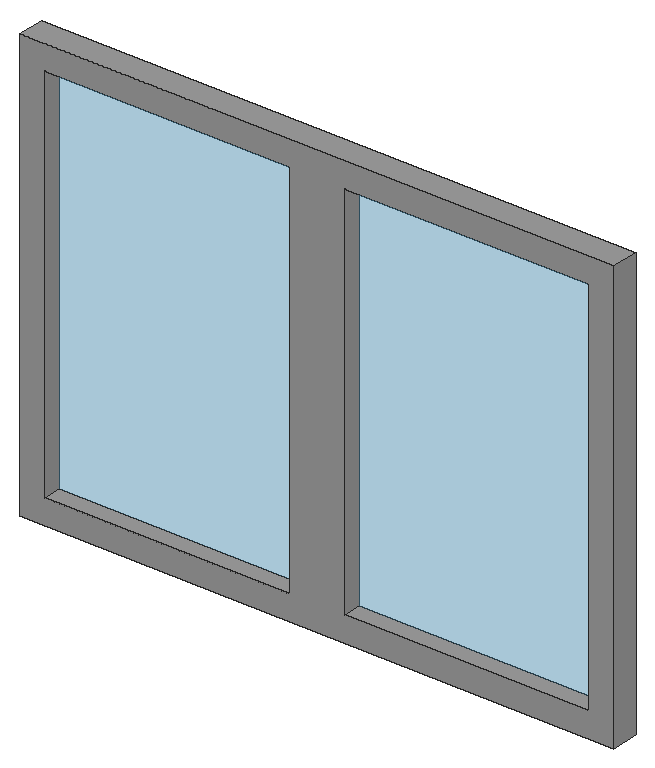
Revit family "ZS-30P OCOC-WW_v02", category Curtain Panels, Revit 2015
Parameters
  Width [instance] = 5' - 6"
  URL = "obe.com"
  Model = "30P OCOC"
  Manufacturer = "Oldcastle BuildingEnvelope®"
  Keynote = "08 51 00"
  Height [instance] = 4' - 0"
  Glass Material = Glass
  Frame Material = Aluminum
  Offset [instance] = 0' - 0"
  Description = "ZERO SIGHTLINE 30P"
  Assembly Code = "B2020"
  Analytic Construction = "<None>"
Reference planes (in)
  plane 1 "Front": y = 0
  plane 2: z = 0
  plane 3 "Center (Left/Right)": x = 0
  plane 4 "Left": x = -33
  plane 5 "Right": x = 33
  plane 6 "Top": z = 48
Text (in)
  text "Exterior" at (-54.29358, 31.38743, 0), in view "Ref. Level"
  text "Exterior" at (480, 41.53993, 89.60405), in view "Right"
  text "Exterior" at (-240, 57.82419, 105.78864), in view "Left"
  text "Min Size\n\n14\" width x 14\" height\n\n\n\nMax Size\n\n48\" x 84\"\n\n\n\nMax Area\n\n24 square feet\n\n\n\nOperable Width must be less than or equal to height." at (69.55744, 31.38743, 0), in view "Ref. Level"
Dimensions and locks (in)
  equal spacing: plane 4 "Left", plane 3 "Center (Left/Right)", plane 5 "Right"
  "Width": plane 4 "Left" to plane 5 "Right"
  "Height": plane 6 "Top" to plane 2
  aligned and locked: level to plane 2
  aligned and locked: plane 3 "Center (Left/Right)" to nested 1
  aligned and locked: plane 1 "Front" to nested 1
  aligned and locked: nested 1 to plane 2
Nested families (in)
  nested 1: "ZS-30P OCOC-Panel" at (0, -16, 0), Offset <- "Offset", Height <- "Height", Width <- "Width", Frame Material <- "Frame Material", Glass Material <- "Glass Material", type "ZS-30P OCOC-Panel"
    with built-in parameter 1001301 5' - 6", Operable Width 2' - 9", Offset 0' - 0", built-in parameter 1001300 4' - 0", Glass Material Glass, Frame Material Aluminum
Definition of nested family "ZS-30P OCOC-Panel"
  Parameters (values of type "ZS-30P OCOC-Panel")
    Width [instance] = 4' - 0"
    URL = ""
    Operable Width [instance] = Width / 2  # 2' - 0"
    Model = ""
    Manufacturer = ""
    Offset [instance] = 0' - 11"
    Height [instance] = 3' - 0"
    Glass Material [instance] = none
    Frame Material [instance] = none
    Description = ""
    Analytic Construction = "<None>"
  Reference planes (in)
    plane 1 "Offset": y = 5
    plane 2: z = 0
    plane 3 "Center (Left/Right)": x = 0
    plane 4: x = 24
    plane 5: x = -24
    plane 6 "Center (Front/Back)": y = 16
    plane 7: z = 36
    plane 8: z = 1.50001
    plane 9: z = 34.49999
    plane 10: z = 18
    plane 11 "INT": y = 4
    plane 12: x = -22.50199
    plane 13: x = -1.81051
    plane 14: x = 1.81051
    plane 15: x = 22.50199
  Forms (in)
    Sweep 1, solid
      path origin (0, 5, 0) x (1, 0, 0) y (0, 0, 1)
        loop
          line (-24, 36) -> (-24, 0)
      profile origin (-24, 5, 18) x (0, -1, 0) y (1, 0, 0)
        loop
          line (0, 0) -> (2.99999, 0) -> (2.99999, 2.75) -> (1, 2.75) -> (1, 1.49801) -> (0, 1.49801) -> (0, 0)
    Sweep 2, solid
      path origin (0, 5, 0) x (1, 0, 0) y (0, 0, 1)
        loop
          line (0, 36) -> (0, 0)
      profile origin (0, 5, 18) x (0, -1, 0) y (1, 0, 0)
        loop
          line (3.00199, 0.11573) -> (3.00199, 3.0625) -> (1, 3.0625) -> (1, 1.81051) -> (0, 1.81051) -> (0, -1.81051) -> (1, -1.81051) -> (1, -3.0625) -> (3.00199, -3.0625) -> (3.00199, 0.11573)
    Sweep 3, solid
      path origin (0, 5, 0) x (1, 0, 0) y (0, 0, 1)
        loop
          line (24, 36) -> (24, 0)
      profile origin (24, 5, 18) x (0, -1, 0) y (1, 0, 0)
        loop
          line (0, 0) -> (0, -1.49801) -> (1, -1.49801) -> (1, -2.75) -> (2.99999, -2.75) -> (2.99999, 0) -> (0, 0)
    Sweep 4, solid
      path origin (0, 5, 0) x (1, 0, 0) y (0, 0, 1)
        loop
          line (24, 0) -> (-24, 0)
      profile origin (0, 5, 0) x (0, 0, -1) y (0, -1, 0)
        loop
          line (-2.752, 2.99999) -> (-2.752, 1) -> (-1.50001, 1) -> (-1.50001, 0) -> (0, 0) -> (0, 2.99999) -> (-2.752, 2.99999)
    Sweep 5, solid
      path origin (18, 5, 0) x (1, 0, 0) y (0, 0, 1)
        loop
          line (6, 36) -> (-42, 36)
      profile origin (0, 5, 36) x (0, 0, -1) y (0, -1, 0)
        loop
          line (0, 2.99999) -> (0, 0) -> (1.50001, 0) -> (1.50001, 1) -> (2.752, 1) -> (2.752, 2.99999) -> (0, 2.99999)
    Extrusion 6, solid, material <- "Glass Material", detail levels coarse
      sketch origin (0, 0, 0) x (1, 0, 0) y (0, 1, 0)
        loop
          line (-22.50199, 5) -> (-22.50199, 4) -> (-1.81051, 4) -> (-1.81051, 5) -> (-22.50199, 5)
      from 1.50001 to 34.49999
    Extrusion 7, solid, detail levels medium+fine
      sketch origin (0, 0, 0) x (1, 0, 0) y (0, 1, 0)
        loop
          line (-22.50199, 5) -> (-22.50199, 4.75) -> (-1.81051, 4.75) -> (-1.81051, 5) -> (-22.50199, 5)
        loop
          line (-1.81051, 4.2373) -> (-22.50199, 4.2373) -> (-22.50199, 4) -> (-1.81051, 4) -> (-1.81051, 4.2373)
      from 1.50001 to 34.49999
    Extrusion 8, solid, detail levels coarse
      sketch origin (0, 0, 0) x (1, 0, 0) y (0, 1, 0)
        loop
          line (1.81051, 5) -> (1.81051, 4) -> (22.50199, 4) -> (22.50199, 5) -> (1.81051, 5)
      from 1.50001 to 34.49999
    Extrusion 9, solid, detail levels medium+fine
      sketch origin (0, 0, 0) x (1, 0, 0) y (0, 1, 0)
        loop
          line (1.81051, 5) -> (1.81051, 4.75) -> (22.50199, 4.75) -> (22.50199, 5) -> (1.81051, 5)
        loop
          line (22.50199, 4.2373) -> (1.81051, 4.2373) -> (1.81051, 4) -> (22.50199, 4) -> (22.50199, 4.2373)
      from 1.50001 to 34.49999
    Sweep 10, void
      path origin (-24.1869, 5, 30.748) x (1, 0, 0) y (0, 0, 1)
        loop
          line (3.94054, 2.752) -> (3.94054, 2.5)
      profile origin (-20.24636, 5, 33.374) x (0, -1, 0) y (1, 0, 0)
        loop
          line (2.99999, -1.00364) -> (2.78099, -1.00364) -> (2.78099, -1.12707) -> (2.99999, -1.12707) -> (2.99999, -1.00364)
  Cuts and joins
    joined: Sweep 1, Sweep 2, Sweep 3, Sweep 4, Sweep 5
  Lines and regions (in)
    model lines
      curve 1: line (3.0625, 4, 33.248) -> (21.25, 4, 18)
      curve 2: line (-3.0625, 4, 2.752) -> (-21.25, 4, 18)
      curve 3: line (-21.25, 4, 18) -> (-3.0625, 4, 33.248)
      curve 4: line (3.0625, 4, 2.752) -> (21.25, 4, 18)
  Dimensions and locks (in)
    "Offset": plane 1 "Offset" to plane 6 "Center (Front/Back)"
    "Height": plane 7 to plane 2
    locked: plane 9 to plane 7 at 1.50001
    locked: plane 2 to plane 8 at 1.50001
    equal spacing: plane 2, plane 10, plane 7
    "Width": plane 5 to plane 4
    "Operable Width": plane 5 to plane 3 "Center (Left/Right)"
    "Operable Width": plane 3 "Center (Left/Right)" to plane 4
    locked: plane 5 to plane 12 at 1.49801
    plane 13 to plane 3 "Center (Left/Right)" to plane 14 = 0' - 1.81051" locked, 0' - 1.81051" locked
    locked: plane 15 to plane 4 at 1.49801
    locked: plane 11 "INT" to plane 1 "Offset" at 1
    locked: Sweep 10 sketch curve to Sweep 10 sketch curve at 0.252
    aligned and locked: plane 2 to level
    aligned and locked: plane 8 to Extrusion 7
    aligned and locked: plane 8 to Extrusion 6
    aligned and locked: Extrusion 7 to plane 9
    aligned and locked: Extrusion 6 to plane 9
    aligned and locked: plane 8 to Extrusion 8
    aligned and locked: plane 8 to Extrusion 9
    aligned and locked: Extrusion 9 to plane 9
    aligned and locked: Extrusion 8 to plane 9
    aligned and locked: plane 10 to curve 3
    aligned and locked: plane 10 to curve 4
    aligned and locked: Extrusion 7 to plane 8  (x2)
    aligned and locked: plane 9 to Extrusion 7  (x2)
    aligned and locked: Extrusion 6 to plane 8
    aligned and locked: plane 9 to Extrusion 6
    aligned and locked: plane 2 to Sweep 1 sketch curve
    aligned and locked: plane 7 to Sweep 1 sketch curve
    aligned and locked: plane 7 to Sweep 2 sketch curve
    aligned and locked: plane 2 to Sweep 2 sketch curve
    aligned and locked: plane 7 to Sweep 3 sketch curve
    aligned and locked: plane 2 to Sweep 3 sketch curve
    aligned and locked: plane 5 to Sweep 5 sketch curve
    aligned and locked: plane 4 to Sweep 5 sketch curve
    aligned and locked: plane 5 to Sweep 4 sketch curve
    aligned and locked: plane 4 to Sweep 4 sketch curve
    aligned and locked: Sweep 3 sketch curve to plane 4
    aligned and locked: plane 7 to Sweep 5 sketch curve
    aligned and locked: plane 2 to Sweep 4 sketch curve
  Automatic sketch dimensions
    Sweep 1 sketch curve to plane 5 = 0' - 0"
    Sweep 1 sketch curve to profile plane = 0' - 0"
    Sweep 2 sketch curve to plane 3 "Center (Left/Right)" = 0' - 0"
    profile plane to Sweep 2 sketch curve = 0' - 3 1/16"
    Sweep 2 sketch curve to profile plane = 0' - 0.11573"
    Sweep 3 sketch curve to profile plane = 0' - 0"
    Sweep 4 sketch curve to profile plane = 0' - 0"
    plane 1 "Offset" to Sweep 5 sketch curve = 0' - 1"
    Extrusion 6 sketch curve to plane 11 "INT" = 0' - 0"
    plane 1 "Offset" to Extrusion 6 sketch curve = 0' - 0"
    Extrusion 7 sketch curve to plane 11 "INT" = 0' - 0"
    plane 1 "Offset" to Extrusion 7 sketch curve = 0' - 0"
    Extrusion 7 sketch curve to Extrusion 7 sketch curve = 0' - 0.2373"
    Extrusion 7 sketch curve to Extrusion 7 sketch curve = 0' - 0 1/4"
    Extrusion 8 sketch curve to plane 11 "INT" = 0' - 0"
    plane 1 "Offset" to Extrusion 8 sketch curve = 0' - 0"
    Extrusion 9 sketch curve to plane 11 "INT" = 0' - 0"
    plane 1 "Offset" to Extrusion 9 sketch curve = 0' - 0"
    Extrusion 9 sketch curve to Extrusion 9 sketch curve = 0' - 0.2373"
    Extrusion 9 sketch curve to Extrusion 9 sketch curve = 0' - 0 1/4"
    curve 1 to plane 15 = 0' - 1.25199"
    plane 12 to curve 3 = 0' - 1.25199"
    plane 14 to curve 4 = 0' - 1.25199"
    plane 14 to curve 1 = 0' - 1.25199"
    curve 3 to plane 13 = 0' - 1.25199"
    curve 2 to plane 13 = 0' - 1.25199"
    curve 4 to plane 8 = 0' - 1.25199"
    curve 2 to plane 8 = 0' - 1.25199"
    plane 9 to curve 3 = 0' - 1.25199"
    plane 9 to curve 1 = 0' - 1.25199"
    plane 12 to Sweep 10 sketch curve = 0' - 2.25563"
    plane 9 to Sweep 10 sketch curve = 0' - 1.25199"
    profile plane to Sweep 10 sketch curve = 0' - 1.00364"
    plane 1 "Offset" to Sweep 10 sketch curve = 0' - 2.78099"
    Sweep 10 sketch curve to Sweep 10 sketch curve = 0' - 0.219"
    Sweep 10 sketch curve to Sweep 10 sketch curve = 0' - 0.12343"
    Sweep 5 sketch curve to plane 1 "Offset" = 0' - 0"
    Sweep 5 sketch curve to profile plane = 0' - 1 1/2"
    Sweep 5 sketch curve to profile plane = 0' - 0"
    Sweep 5 sketch curve to Sweep 5 sketch curve = 0' - 2.752"
    Sweep 5 sketch curve to Sweep 5 sketch curve = 0' - 2"
    Sweep 4 sketch curve to plane 1 "Offset" = 0' - 0"
    profile plane to Sweep 4 sketch curve = 0' - 2.752"
    plane 1 "Offset" to Sweep 4 sketch curve = 0' - 3"
    profile plane to Sweep 4 sketch curve = 0' - 1 1/2"
    plane 1 "Offset" to Sweep 4 sketch curve = 0' - 1"
    plane 1 "Offset" to Sweep 1 sketch curve = 0' - 0"
    plane 1 "Offset" to Sweep 1 sketch curve = 0' - 3"
    Sweep 1 sketch curve to Sweep 1 sketch curve = 0' - 2 3/4"
    plane 1 "Offset" to Sweep 1 sketch curve = 0' - 1"
    Sweep 1 sketch curve to Sweep 1 sketch curve = 0' - 1.25199"
    plane 1 "Offset" to Sweep 3 sketch curve = 0' - 0"
    plane 1 "Offset" to Sweep 3 sketch curve = 0' - 3"
    profile plane to Sweep 3 sketch curve = 0' - 1.49801"
    plane 1 "Offset" to Sweep 3 sketch curve = 0' - 1"
    Sweep 3 sketch curve to Sweep 3 sketch curve = 0' - 1.25199"
    plane 1 "Offset" to Sweep 2 sketch curve = 0' - 3.00199"
    plane 1 "Offset" to Sweep 2 sketch curve = 0' - 1"
    Sweep 2 sketch curve to Sweep 2 sketch curve = 0' - 1.25199"  (x2)
    Sweep 2 sketch curve to profile plane = 0' - 1.81051"
    Sweep 2 sketch curve to Sweep 2 sketch curve = 0' - 1"
    plane 1 "Offset" to Sweep 2 sketch curve = 0' - 0"
    Extrusion 6 sketch curve to plane 12 = 0' - 0"
    Extrusion 6 sketch curve to plane 13 = 0' - 0"
    Extrusion 7 sketch curve to plane 12 = 0' - 0"  (x2)
    Extrusion 7 sketch curve to plane 13 = 0' - 0"  (x2)
    Extrusion 8 sketch curve to plane 14 = 0' - 0"
    Extrusion 8 sketch curve to plane 15 = 0' - 0"
    Extrusion 9 sketch curve to plane 14 = 0' - 0"  (x2)
    Extrusion 9 sketch curve to plane 15 = 0' - 0"  (x2)
